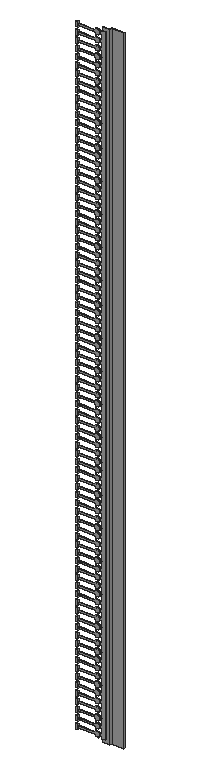
Revit family "ITK by ZPAS_Гребенка кабельная вертикальная_42U и 45U", category Обобщенные модели, Revit 2019
Family settings
  Может служить основой для арматурных стержней = Нет
  Размер круглого соединителя = Использовать диаметр
  Тип детали = Нормальный
  На основе рабочей плоскости = Нет
  Всегда вертикально = Да
  При загрузке вырезать с полостями = Нет
  Общий = Нет
  Точка расчета площади = Нет
Parameters (values of type "В1966,9_Черный")
  Ширина = 140 mm  # constant formula
  Степень защиты = ""
  Материал = Окраска - RAL 9005
  Изготовитель = "ITK"  # constant formula
  Дата изменения = ""
  Глубина = 12 mm  # constant formula
  Высота = 1966.9 mm
  Тип монтажа = "Установка на захваты"  # constant formula
  В1966,9 = yes
  В1866,9 = no
  URL = "https://www.iek.ru/"
  KSI_CPr_Строительные изделия = "61.1.04.08"  # constant formula
  KSI_CMa_Строительные материалы = "10.03.02.06"  # constant formula
  IEK_Цена за единицу = 10403.15
  IEK_Поиск в таблице имен = ""
  IEK_Описание = "Крепится без инструментов к 19-дюймовым монтажным профилям."
  IEK_URL = "https://www.itk-group.ru/produktsiya/catalog/oborudovanie_telekommunikatsionnoe/kompleksnye_resheniya_dlya_tsod/shkafy_i_aksessuary_dlya_tsod/komplektuyushchie_i_aksessuary_dlya_shkafov_itk_by_zpas/kabelnye_organizatory_itk_by_zpas/itk_by_zpas_grebenka_kabelnaya_vertikalnaya_45u_chernaya"
  ADSK_Примечание = ""
  ADSK_Позиция [instance] = ""
  ADSK_Наименование = "ITK by ZPAS Гребенка кабельная вертикальная 45U черная"
  ADSK_Материал обозначение = ""
  ADSK_Материал наименование = "Листовая сталь"  # constant formula
  ADSK_Масса = 6
  ADSK_Марка = "by ZPAS"  # constant formula
  ADSK_Код изделия = "ZP-CM05-45U-V"
  ADSK_Завод-изготовитель = "IEK"  # constant formula
  ADSK_Единица измерения = "шт"  # constant formula
  ADSK_Группирование = "I. ЩИТЫ И ПУЛЬТЫ"  # constant formula
  ADSK_Версия семейства = "1.0"  # constant formula
  ADSK_Версия Revit = "2019"  # constant formula
  ADSK_URL страницы изделия = "https://www.itk-group.ru/produktsiya/catalog/oborudovanie_telekommunikatsionnoe/kompleksnye_resheniya_dlya_tsod/shkafy_i_aksessuary_dlya_tsod/komplektuyushchie_i_aksessuary_dlya_shkafov_itk_by_zpas/kabelnye_organizatory_itk_by_zpas/?pagec=50"
Reference planes
  plane 1 "По центру (Вперед/Назад)": y = 0
  plane 2: z = 0
  plane 3 "По центру (Влево/Вправо)": x = 0
  plane 4: y = 6
  plane 5: y = -6
  plane 6: x = -70
  plane 7: x = 70
  plane 8: z = 1966.9
  plane 9: z = 10
  plane 10: x = 21.015
Forms (mm)
  Extrusion 1, solid, material "Окраска - RAL 9005" <- "Материал", detail levels fine
    sketch origin (0, 0, 0) x (1, 0, 0) y (0, 1, 0)
      loop
        line (70, 6) -> (30, 6) -> (30, -2.022) -> (10, -2.022) -> (10, -3.968) -> (32.03, -3.968) -> (32.03, 4) -> (70, 4) -> (70, 6)
    from 0 to 1966.9 <- "Высота"
  Extrusion 2, solid, material "Окраска - RAL 9005" <- "Материал", visible <- "В1866,9", detail levels fine
    sketch origin (0, 0, 0) x (1, 0, 0) y (0, 0, 1)
      loop
        line (-63.537, 1850) -> (-13.537, 1850) -> (-10, 1845) -> (0, 1845) -> (3.537, 1850) -> (10, 1850) -> (10, 1831.772) -> (3.537, 1831.772) -> (0, 1836.772) -> (-10, 1836.772) -> (-13.537, 1831.772) -> (-63.537, 1831.772) -> (-63.537, 1836.772) -> (-70, 1836.772) -> (-70, 1821.772) -> (-63.537, 1821.772) -> (-63.537, 1826.772) -> (-13.537, 1826.772) -> (-10, 1821.772) -> (0, 1821.772) -> (3.537, 1826.772) -> (10, 1826.772) -> (10, 1808.544) -> (3.537, 1808.544) -> (0, 1813.544) -> (-10, 1813.544) -> (-13.537, 1808.544) -> (-63.537, 1808.544) -> (-63.537, 1813.544) -> (-70, 1813.544) -> (-70, 1798.544) -> (-63.537, 1798.544) -> (-63.537, 1803.544) -> (-13.537, 1803.544) -> (-10, 1798.544) -> (0, 1798.544) -> (3.537, 1803.544) -> (10, 1803.544) -> (10, 1785.316) -> (3.537, 1785.316) -> (0, 1790.316) -> (-10, 1790.316) -> (-13.537, 1785.316) -> (-63.537, 1785.316) -> (-63.537, 1790.316) -> (-70, 1790.316) -> (-70, 1775.316) -> (-63.537, 1775.316) -> (-63.537, 1780.316) -> (-13.537, 1780.316) -> (-10, 1775.316) -> (0, 1775.316) -> (3.537, 1780.316) -> (10, 1780.316) -> (10, 1762.089) -> (3.537, 1762.089) -> (0, 1767.089) -> (-10, 1767.089) -> (-13.537, 1762.089) -> (-63.537, 1762.089) -> (-63.537, 1767.089) -> (-70, 1767.089) -> (-70, 1752.089) -> (-63.537, 1752.089) -> (-63.537, 1757.089) -> (-13.537, 1757.089) -> (-10, 1752.089) -> (0, 1752.089) -> (3.537, 1757.089) -> (10, 1757.089) -> (10, 1738.861) -> (3.537, 1738.861) -> (0, 1743.861) -> (-10, 1743.861) -> (-13.537, 1738.861) -> (-63.537, 1738.861) -> (-63.537, 1743.861) -> (-70, 1743.861) -> (-70, 1728.861) -> (-63.537, 1728.861) -> (-63.537, 1733.861) -> (-13.537, 1733.861) -> (-10, 1728.861) -> (0, 1728.861) -> (3.537, 1733.861) -> (10, 1733.861) -> (10, 1715.633) -> (3.537, 1715.633) -> (0, 1720.633) -> (-10, 1720.633) -> (-13.537, 1715.633) -> (-63.537, 1715.633) -> (-63.537, 1720.633) -> (-70, 1720.633) -> (-70, 1705.633) -> (-63.537, 1705.633) -> (-63.537, 1710.633) -> (-13.537, 1710.633) -> (-10, 1705.633) -> (0, 1705.633) -> (3.537, 1710.633) -> (10, 1710.633) -> (10, 1692.405) -> (3.537, 1692.405) -> (0, 1697.405) -> (-10, 1697.405) -> (-13.537, 1692.405) -> (-63.537, 1692.405) -> (-63.537, 1697.405) -> (-70, 1697.405) -> (-70, 1682.405) -> (-63.537, 1682.405) -> (-63.537, 1687.405) -> (-13.537, 1687.405) -> (-10, 1682.405) -> (0, 1682.405) -> (3.537, 1687.405) -> (10, 1687.405) -> (10, 1669.177) -> (3.537, 1669.177) -> (0, 1674.177) -> (-10, 1674.177) -> (-13.537, 1669.177) -> (-63.537, 1669.177) -> (-63.537, 1674.177) -> (-70, 1674.177) -> (-70, 1659.177) -> (-63.537, 1659.177) -> (-63.537, 1664.177) -> (-13.537, 1664.177) -> (-10, 1659.177) -> (0, 1659.177) -> (3.537, 1664.177) -> (10, 1664.177) -> (10, 1645.949) -> (3.537, 1645.949) -> (0, 1650.949) -> (-10, 1650.949) -> (-13.537, 1645.949) -> (-63.537, 1645.949) -> (-63.537, 1650.949) -> (-70, 1650.949) -> (-70, 1635.949) -> (-63.537, 1635.949) -> (-63.537, 1640.949) -> (-13.537, 1640.949) -> (-10, 1635.949) -> (0, 1635.949) -> (3.537, 1640.949) -> (10, 1640.949) -> (10, 1622.722) -> (3.537, 1622.722) -> (0, 1627.722) -> (-10, 1627.722) -> (-13.537, 1622.722) -> (-63.537, 1622.722) -> (-63.537, 1627.722) -> (-70, 1627.722) -> (-70, 1612.722) -> (-63.537, 1612.722) -> (-63.537, 1617.722) -> (-13.537, 1617.722) -> (-10, 1612.722) -> (0, 1612.722) -> (3.537, 1617.722) -> (10, 1617.722) -> (10, 1599.494) -> (3.537, 1599.494) -> (0, 1604.494) -> (-10, 1604.494) -> (-13.537, 1599.494) -> (-63.537, 1599.494) -> (-63.537, 1604.494) -> (-70, 1604.494) -> (-70, 1589.494) -> (-63.537, 1589.494) -> (-63.537, 1594.494) -> (-13.537, 1594.494) -> (-10, 1589.494) -> (0, 1589.494) -> (3.537, 1594.494) -> (10, 1594.494) -> (10, 1576.266) -> (3.537, 1576.266) -> (0, 1581.266) -> (-10, 1581.266) -> (-13.537, 1576.266) -> (-63.537, 1576.266) -> (-63.537, 1581.266) -> (-70, 1581.266) -> (-70, 1566.266) -> (-63.537, 1566.266) -> (-63.537, 1571.266) -> (-13.537, 1571.266) -> (-10, 1566.266) -> (0, 1566.266) -> (3.537, 1571.266) -> (10, 1571.266) -> (10, 1553.038) -> (3.537, 1553.038) -> (0, 1558.038) -> (-10, 1558.038) -> (-13.537, 1553.038) -> (-63.537, 1553.038) -> (-63.537, 1558.038) -> (-70, 1558.038) -> (-70, 1543.038) -> (-63.537, 1543.038) -> (-63.537, 1548.038) -> (-13.537, 1548.038) -> (-10, 1543.038) -> (0, 1543.038) -> (3.537, 1548.038) -> (10, 1548.038) -> (10, 1529.81) -> (3.537, 1529.81) -> (0, 1534.81) -> (-10, 1534.81) -> (-13.537, 1529.81) -> (-63.537, 1529.81) -> (-63.537, 1534.81) -> (-70, 1534.81) -> (-70, 1519.81) -> (-63.537, 1519.81) -> (-63.537, 1524.81) -> (-13.537, 1524.81) -> (-10, 1519.81) -> (0, 1519.81) -> (3.537, 1524.81) -> (10, 1524.81) -> (10, 1506.582) -> (3.537, 1506.582) -> (0, 1511.582) -> (-10, 1511.582) -> (-13.537, 1506.582) -> (-63.537, 1506.582) -> (-63.537, 1511.582) -> (-70, 1511.582) -> (-70, 1496.582) -> (-63.537, 1496.582) -> (-63.537, 1501.582) -> (-13.537, 1501.582) -> (-10, 1496.582) -> (0, 1496.582) -> (3.537, 1501.582) -> (10, 1501.582) -> (10, 1483.354) -> (3.537, 1483.354) -> (0, 1488.354) -> (-10, 1488.354) -> (-13.537, 1483.354) -> (-63.537, 1483.354) -> (-63.537, 1488.354) -> (-70, 1488.354) -> (-70, 1473.354) -> (-63.537, 1473.354) -> (-63.537, 1478.354) -> (-13.537, 1478.354) -> (-10, 1473.354) -> (0, 1473.354) -> (3.537, 1478.354) -> (10, 1478.354) -> (10, 1460.127) -> (3.537, 1460.127) -> (0, 1465.127) -> (-10, 1465.127) -> (-13.537, 1460.127) -> (-63.537, 1460.127) -> (-63.537, 1465.127) -> (-70, 1465.127) -> (-70, 1450.127) -> (-63.537, 1450.127) -> (-63.537, 1455.127) -> (-13.537, 1455.127) -> (-10, 1450.127) -> (0, 1450.127) -> (3.537, 1455.127) -> (10, 1455.127) -> (10, 1436.899) -> (3.537, 1436.899) -> (0, 1441.899) -> (-10, 1441.899) -> (-13.537, 1436.899) -> (-63.537, 1436.899) -> (-63.537, 1441.899) -> (-70, 1441.899) -> (-70, 1426.899) -> (-63.537, 1426.899) -> (-63.537, 1431.899) -> (-13.537, 1431.899) -> (-10, 1426.899) -> (0, 1426.899) -> (3.537, 1431.899) -> (10, 1431.899) -> (10, 1413.671) -> (3.537, 1413.671) -> (0, 1418.671) -> (-10, 1418.671) -> (-13.537, 1413.671) -> (-63.537, 1413.671) -> (-63.537, 1418.671) -> (-70, 1418.671) -> (-70, 1403.671) -> (-63.537, 1403.671) -> (-63.537, 1408.671) -> (-13.537, 1408.671) -> (-10, 1403.671) -> (0, 1403.671) -> (3.537, 1408.671) -> (10, 1408.671) -> (10, 1390.443) -> (3.537, 1390.443) -> (0, 1395.443) -> (-10, 1395.443) -> (-13.537, 1390.443) -> (-63.537, 1390.443) -> (-63.537, 1395.443) -> (-70, 1395.443) -> (-70, 1380.443) -> (-63.537, 1380.443) -> (-63.537, 1385.443) -> (-13.537, 1385.443) -> (-10, 1380.443) -> (0, 1380.443) -> (3.537, 1385.443) -> (10, 1385.443) -> (10, 1367.215) -> (3.537, 1367.215) -> (0, 1372.215) -> (-10, 1372.215) -> (-13.537, 1367.215) -> (-63.537, 1367.215) -> (-63.537, 1372.215) -> (-70, 1372.215) -> (-70, 1357.215) -> (-63.537, 1357.215) -> (-63.537, 1362.215) -> (-13.537, 1362.215) -> (-10, 1357.215) -> (0, 1357.215) -> (3.537, 1362.215) -> (10, 1362.215) -> (10, 1343.987) -> (3.537, 1343.987) -> (0, 1348.987) -> (-10, 1348.987) -> (-13.537, 1343.987) -> (-63.537, 1343.987) -> (-63.537, 1348.987) -> (-70, 1348.987) -> (-70, 1333.987) -> (-63.537, 1333.987) -> (-63.537, 1338.987) -> (-13.537, 1338.987) -> (-10, 1333.987) -> (0, 1333.987) -> (3.537, 1338.987) -> (10, 1338.987) -> (10, 1320.759) -> (3.537, 1320.759) -> (0, 1325.759) -> (-10, 1325.759) -> (-13.537, 1320.759) -> (-63.537, 1320.759) -> (-63.537, 1325.759) -> (-70, 1325.759) -> (-70, 1310.759) -> (-63.537, 1310.759) -> (-63.537, 1315.759) -> (-13.537, 1315.759) -> (-10, 1310.759) -> (0, 1310.759) -> (3.537, 1315.759) -> (10, 1315.759) -> (10, 1297.532) -> (3.537, 1297.532) -> (0, 1302.532) -> (-10, 1302.532) -> (-13.537, 1297.532) -> (-63.537, 1297.532) -> (-63.537, 1302.532) -> (-70, 1302.532) -> (-70, 1287.532) -> (-63.537, 1287.532) -> (-63.537, 1292.532) -> (-13.537, 1292.532) -> (-10, 1287.532) -> (0, 1287.532) -> (3.537, 1292.532) -> (10, 1292.532) -> (10, 1274.304) -> (3.537, 1274.304) -> (0, 1279.304) -> (-10, 1279.304) -> (-13.53
          7, 1274.304) -> (-63.537, 1274.304) -> (-63.537, 1279.304) -> (-70, 1279.304) -> (-70, 1264.304) -> (-63.537, 1264.304) -> (-63.537, 1269.304) -> (-13.537, 1269.304) -> (-10, 1264.304) -> (0, 1264.304) -> (3.537, 1269.304) -> (10, 1269.304) -> (10, 1251.076) -> (3.537, 1251.076) -> (0, 1256.076) -> (-10, 1256.076) -> (-13.537, 1251.076) -> (-63.537, 1251.076) -> (-63.537, 1256.076) -> (-70, 1256.076) -> (-70, 1241.076) -> (-63.537, 1241.076) -> (-63.537, 1246.076) -> (-13.537, 1246.076) -> (-10, 1241.076) -> (0, 1241.076) -> (3.537, 1246.076) -> (10, 1246.076) -> (10, 1227.848) -> (3.537, 1227.848) -> (0, 1232.848) -> (-10, 1232.848) -> (-13.537, 1227.848) -> (-63.537, 1227.848) -> (-63.537, 1232.848) -> (-70, 1232.848) -> (-70, 1217.848) -> (-63.537, 1217.848) -> (-63.537, 1222.848) -> (-13.537, 1222.848) -> (-10, 1217.848) -> (0, 1217.848) -> (3.537, 1222.848) -> (10, 1222.848) -> (10, 1204.62) -> (3.537, 1204.62) -> (0, 1209.62) -> (-10, 1209.62) -> (-13.537, 1204.62) -> (-63.537, 1204.62) -> (-63.537, 1209.62) -> (-70, 1209.62) -> (-70, 1194.62) -> (-63.537, 1194.62) -> (-63.537, 1199.62) -> (-13.537, 1199.62) -> (-10, 1194.62) -> (0, 1194.62) -> (3.537, 1199.62) -> (10, 1199.62) -> (10, 1181.392) -> (3.537, 1181.392) -> (0, 1186.392) -> (-10, 1186.392) -> (-13.537, 1181.392) -> (-63.537, 1181.392) -> (-63.537, 1186.392) -> (-70, 1186.392) -> (-70, 1171.392) -> (-63.537, 1171.392) -> (-63.537, 1176.392) -> (-13.537, 1176.392) -> (-10, 1171.392) -> (0, 1171.392) -> (3.537, 1176.392) -> (10, 1176.392) -> (10, 1158.165) -> (3.537, 1158.165) -> (0, 1163.165) -> (-10, 1163.165) -> (-13.537, 1158.165) -> (-63.537, 1158.165) -> (-63.537, 1163.165) -> (-70, 1163.165) -> (-70, 1148.165) -> (-63.537, 1148.165) -> (-63.537, 1153.165) -> (-13.537, 1153.165) -> (-10, 1148.165) -> (0, 1148.165) -> (3.537, 1153.165) -> (10, 1153.165) -> (10, 1134.937) -> (3.537, 1134.937) -> (0, 1139.937) -> (-10, 1139.937) -> (-13.537, 1134.937) -> (-63.537, 1134.937) -> (-63.537, 1139.937) -> (-70, 1139.937) -> (-70, 1124.937) -> (-63.537, 1124.937) -> (-63.537, 1129.937) -> (-13.537, 1129.937) -> (-10, 1124.937) -> (0, 1124.937) -> (3.537, 1129.937) -> (10, 1129.937) -> (10, 1111.709) -> (3.537, 1111.709) -> (0, 1116.709) -> (-10, 1116.709) -> (-13.537, 1111.709) -> (-63.537, 1111.709) -> (-63.537, 1116.709) -> (-70, 1116.709) -> (-70, 1101.709) -> (-63.537, 1101.709) -> (-63.537, 1106.709) -> (-13.537, 1106.709) -> (-10, 1101.709) -> (0, 1101.709) -> (3.537, 1106.709) -> (10, 1106.709) -> (10, 1088.481) -> (3.537, 1088.481) -> (0, 1093.481) -> (-10, 1093.481) -> (-13.537, 1088.481) -> (-63.537, 1088.481) -> (-63.537, 1093.481) -> (-70, 1093.481) -> (-70, 1078.481) -> (-63.537, 1078.481) -> (-63.537, 1083.481) -> (-13.537, 1083.481) -> (-10, 1078.481) -> (0, 1078.481) -> (3.537, 1083.481) -> (10, 1083.481) -> (10, 1065.253) -> (3.537, 1065.253) -> (0, 1070.253) -> (-10, 1070.253) -> (-13.537, 1065.253) -> (-63.537, 1065.253) -> (-63.537, 1070.253) -> (-70, 1070.253) -> (-70, 1055.253) -> (-63.537, 1055.253) -> (-63.537, 1060.253) -> (-13.537, 1060.253) -> (-10, 1055.253) -> (0, 1055.253) -> (3.537, 1060.253) -> (10, 1060.253) -> (10, 1042.025) -> (3.537, 1042.025) -> (0, 1047.025) -> (-10, 1047.025) -> (-13.537, 1042.025) -> (-63.537, 1042.025) -> (-63.537, 1047.025) -> (-70, 1047.025) -> (-70, 1032.025) -> (-63.537, 1032.025) -> (-63.537, 1037.025) -> (-13.537, 1037.025) -> (-10, 1032.025) -> (0, 1032.025) -> (3.537, 1037.025) -> (10, 1037.025) -> (10, 1018.797) -> (3.537, 1018.797) -> (0, 1023.797) -> (-10, 1023.797) -> (-13.537, 1018.797) -> (-63.537, 1018.797) -> (-63.537, 1023.797) -> (-70, 1023.797) -> (-70, 1008.797) -> (-63.537, 1008.797) -> (-63.537, 1013.797) -> (-13.537, 1013.797) -> (-10, 1008.797) -> (0, 1008.797) -> (3.537, 1013.797) -> (10, 1013.797) -> (10, 995.57) -> (3.537, 995.57) -> (0, 1000.57) -> (-10, 1000.57) -> (-13.537, 995.57) -> (-63.537, 995.57) -> (-63.537, 1000.57) -> (-70, 1000.57) -> (-70, 985.57) -> (-63.537, 985.57) -> (-63.537, 990.57) -> (-13.537, 990.57) -> (-10, 985.57) -> (0, 985.57) -> (3.537, 990.57) -> (10, 990.57) -> (10, 972.342) -> (3.537, 972.342) -> (0, 977.342) -> (-10, 977.342) -> (-13.537, 972.342) -> (-63.537, 972.342) -> (-63.537, 977.342) -> (-70, 977.342) -> (-70, 962.342) -> (-63.537, 962.342) -> (-63.537, 967.342) -> (-13.537, 967.342) -> (-10, 962.342) -> (0, 962.342) -> (3.537, 967.342) -> (10, 967.342) -> (10, 949.114) -> (3.537, 949.114) -> (0, 954.114) -> (-10, 954.114) -> (-13.537, 949.114) -> (-63.537, 949.114) -> (-63.537, 954.114) -> (-70, 954.114) -> (-70, 939.114) -> (-63.537, 939.114) -> (-63.537, 944.114) -> (-13.537, 944.114) -> (-10, 939.114) -> (0, 939.114) -> (3.537, 944.114) -> (10, 944.114) -> (10, 925.886) -> (3.537, 925.886) -> (0, 930.886) -> (-10, 930.886) -> (-13.537, 925.886) -> (-63.537, 925.886) -> (-63.537, 930.886) -> (-70, 930.886) -> (-70, 915.886) -> (-63.537, 915.886) -> (-63.537, 920.886) -> (-13.537, 920.886) -> (-10, 915.886) -> (0, 915.886) -> (3.537, 920.886) -> (10, 920.886) -> (10, 902.658) -> (3.537, 902.658) -> (0, 907.658) -> (-10, 907.658) -> (-13.537, 902.658) -> (-63.537, 902.658) -> (-63.537, 907.658) -> (-70, 907.658) -> (-70, 892.658) -> (-63.537, 892.658) -> (-63.537, 897.658) -> (-13.537, 897.658) -> (-10, 892.658) -> (0, 892.658) -> (3.537, 897.658) -> (10, 897.658) -> (10, 879.43) -> (3.537, 879.43) -> (0, 884.43) -> (-10, 884.43) -> (-13.537, 879.43) -> (-63.537, 879.43) -> (-63.537, 884.43) -> (-70, 884.43) -> (-70, 869.43) -> (-63.537, 869.43) -> (-63.537, 874.43) -> (-13.537, 874.43) -> (-10, 869.43) -> (0, 869.43) -> (3.537, 874.43) -> (10, 874.43) -> (10, 856.203) -> (3.537, 856.203) -> (0, 861.203) -> (-10, 861.203) -> (-13.537, 856.203) -> (-63.537, 856.203) -> (-63.537, 861.203) -> (-70, 861.203) -> (-70, 846.203) -> (-63.537, 846.203) -> (-63.537, 851.203) -> (-13.537, 851.203) -> (-10, 846.203) -> (0, 846.203) -> (3.537, 851.203) -> (10, 851.203) -> (10, 832.975) -> (3.537, 832.975) -> (0, 837.975) -> (-10, 837.975) -> (-13.537, 832.975) -> (-63.537, 832.975) -> (-63.537, 837.975) -> (-70, 837.975) -> (-70, 822.975) -> (-63.537, 822.975) -> (-63.537, 827.975) -> (-13.537, 827.975) -> (-10, 822.975) -> (0, 822.975) -> (3.537, 827.975) -> (10, 827.975) -> (10, 809.747) -> (3.537, 809.747) -> (0, 814.747) -> (-10, 814.747) -> (-13.537, 809.747) -> (-63.537, 809.747) -> (-63.537, 814.747) -> (-70, 814.747) -> (-70, 799.747) -> (-63.537, 799.747) -> (-63.537, 804.747) -> (-13.537, 804.747) -> (-10, 799.747) -> (0, 799.747) -> (3.537, 804.747) -> (10, 804.747) -> (10, 786.519) -> (3.537, 786.519) -> (0, 791.519) -> (-10, 791.519) -> (-13.537, 786.519) -> (-63.537, 786.519) -> (-63.537, 791.519) -> (-70, 791.519) -> (-70, 776.519) -> (-63.537, 776.519) -> (-63.537, 781.519) -> (-13.537, 781.519) -> (-10, 776.519) -> (0, 776.519) -> (3.537, 781.519) -> (10, 781.519) -> (10, 763.291) -> (3.537, 763.291) -> (0, 768.291) -> (-10, 768.291) -> (-13.537, 763.291) -> (-63.537, 763.291) -> (-63.537, 768.291) -> (-70, 768.291) -> (-70, 753.291) -> (-63.537, 753.291) -> (-63.537, 758.291) -> (-13.537, 758.291) -> (-10, 753.291) -> (0, 753.291) -> (3.537, 758.291) -> (10, 758.291) -> (10, 740.063) -> (3.537, 740.063) -> (0, 745.063) -> (-10, 745.063) -> (-13.537, 740.063) -> (-63.537, 740.063) -> (-63.537, 745.063) -> (-70, 745.063) -> (-70, 730.063) -> (-63.537, 730.063) -> (-63.537, 735.063) -> (-13.537, 735.063) -> (-10, 730.063) -> (0, 730.063) -> (3.537, 735.063) -> (10, 735.063) -> (10, 716.835) -> (3.537, 716.835) -> (0, 721.835) -> (-10, 721.835) -> (-13.537, 716.835) -> (-63.537, 716.835) -> (-63.537, 721.835) -> (-70, 721.835) -> (-70, 706.835) -> (-63.537, 706.835) -> (-63.537, 711.835) -> (-13.537, 711.835) -> (-10, 706.835) -> (0, 706.835) -> (3.537, 711.835) -> (10, 711.835) -> (10, 693.608) -> (3.537, 693.608) -> (0, 698.608) -> (-10, 698.608) -> (-13.537, 693.608) -> (-63.537, 693.608) -> (-63.537, 698.608) -> (-70, 698.608) -> (-70, 683.608) -> (-63.537, 6
          83.608) -> (-63.537, 688.608) -> (-13.537, 688.608) -> (-10, 683.608) -> (0, 683.608) -> (3.537, 688.608) -> (10, 688.608) -> (10, 670.38) -> (3.537, 670.38) -> (0, 675.38) -> (-10, 675.38) -> (-13.537, 670.38) -> (-63.537, 670.38) -> (-63.537, 675.38) -> (-70, 675.38) -> (-70, 660.38) -> (-63.537, 660.38) -> (-63.537, 665.38) -> (-13.537, 665.38) -> (-10, 660.38) -> (0, 660.38) -> (3.537, 665.38) -> (10, 665.38) -> (10, 647.152) -> (3.537, 647.152) -> (0, 652.152) -> (-10, 652.152) -> (-13.537, 647.152) -> (-63.537, 647.152) -> (-63.537, 652.152) -> (-70, 652.152) -> (-70, 637.152) -> (-63.537, 637.152) -> (-63.537, 642.152) -> (-13.537, 642.152) -> (-10, 637.152) -> (0, 637.152) -> (3.537, 642.152) -> (10, 642.152) -> (10, 623.924) -> (3.537, 623.924) -> (0, 628.924) -> (-10, 628.924) -> (-13.537, 623.924) -> (-63.537, 623.924) -> (-63.537, 628.924) -> (-70, 628.924) -> (-70, 613.924) -> (-63.537, 613.924) -> (-63.537, 618.924) -> (-13.537, 618.924) -> (-10, 613.924) -> (0, 613.924) -> (3.537, 618.924) -> (10, 618.924) -> (10, 600.696) -> (3.537, 600.696) -> (0, 605.696) -> (-10, 605.696) -> (-13.537, 600.696) -> (-63.537, 600.696) -> (-63.537, 605.696) -> (-70, 605.696) -> (-70, 590.696) -> (-63.537, 590.696) -> (-63.537, 595.696) -> (-13.537, 595.696) -> (-10, 590.696) -> (0, 590.696) -> (3.537, 595.696) -> (10, 595.696) -> (10, 577.468) -> (3.537, 577.468) -> (0, 582.468) -> (-10, 582.468) -> (-13.537, 577.468) -> (-63.537, 577.468) -> (-63.537, 582.468) -> (-70, 582.468) -> (-70, 567.468) -> (-63.537, 567.468) -> (-63.537, 572.468) -> (-13.537, 572.468) -> (-10, 567.468) -> (0, 567.468) -> (3.537, 572.468) -> (10, 572.468) -> (10, 554.241) -> (3.537, 554.241) -> (0, 559.241) -> (-10, 559.241) -> (-13.537, 554.241) -> (-63.537, 554.241) -> (-63.537, 559.241) -> (-70, 559.241) -> (-70, 544.241) -> (-63.537, 544.241) -> (-63.537, 549.241) -> (-13.537, 549.241) -> (-10, 544.241) -> (0, 544.241) -> (3.537, 549.241) -> (10, 549.241) -> (10, 531.013) -> (3.537, 531.013) -> (0, 536.013) -> (-10, 536.013) -> (-13.537, 531.013) -> (-63.537, 531.013) -> (-63.537, 536.013) -> (-70, 536.013) -> (-70, 521.013) -> (-63.537, 521.013) -> (-63.537, 526.013) -> (-13.537, 526.013) -> (-10, 521.013) -> (0, 521.013) -> (3.537, 526.013) -> (10, 526.013) -> (10, 507.785) -> (3.537, 507.785) -> (0, 512.785) -> (-10, 512.785) -> (-13.537, 507.785) -> (-63.537, 507.785) -> (-63.537, 512.785) -> (-70, 512.785) -> (-70, 497.785) -> (-63.537, 497.785) -> (-63.537, 502.785) -> (-13.537, 502.785) -> (-10, 497.785) -> (0, 497.785) -> (3.537, 502.785) -> (10, 502.785) -> (10, 484.557) -> (3.537, 484.557) -> (0, 489.557) -> (-10, 489.557) -> (-13.537, 484.557) -> (-63.537, 484.557) -> (-63.537, 489.557) -> (-70, 489.557) -> (-70, 474.557) -> (-63.537, 474.557) -> (-63.537, 479.557) -> (-13.537, 479.557) -> (-10, 474.557) -> (0, 474.557) -> (3.537, 479.557) -> (10, 479.557) -> (10, 461.329) -> (3.537, 461.329) -> (0, 466.329) -> (-10, 466.329) -> (-13.537, 461.329) -> (-63.537, 461.329) -> (-63.537, 466.329) -> (-70, 466.329) -> (-70, 451.329) -> (-63.537, 451.329) -> (-63.537, 456.329) -> (-13.537, 456.329) -> (-10, 451.329) -> (0, 451.329) -> (3.537, 456.329) -> (10, 456.329) -> (10, 438.101) -> (3.537, 438.101) -> (0, 443.101) -> (-10, 443.101) -> (-13.537, 438.101) -> (-63.537, 438.101) -> (-63.537, 443.101) -> (-70, 443.101) -> (-70, 428.101) -> (-63.537, 428.101) -> (-63.537, 433.101) -> (-13.537, 433.101) -> (-10, 428.101) -> (0, 428.101) -> (3.537, 433.101) -> (10, 433.101) -> (10, 414.873) -> (3.537, 414.873) -> (0, 419.873) -> (-10, 419.873) -> (-13.537, 414.873) -> (-63.537, 414.873) -> (-63.537, 419.873) -> (-70, 419.873) -> (-70, 404.873) -> (-63.537, 404.873) -> (-63.537, 409.873) -> (-13.537, 409.873) -> (-10, 404.873) -> (0, 404.873) -> (3.537, 409.873) -> (10, 409.873) -> (10, 391.646) -> (3.537, 391.646) -> (0, 396.646) -> (-10, 396.646) -> (-13.537, 391.646) -> (-63.537, 391.646) -> (-63.537, 396.646) -> (-70, 396.646) -> (-70, 381.646) -> (-63.537, 381.646) -> (-63.537, 386.646) -> (-13.537, 386.646) -> (-10, 381.646) -> (0, 381.646) -> (3.537, 386.646) -> (10, 386.646) -> (10, 368.418) -> (3.537, 368.418) -> (0, 373.418) -> (-10, 373.418) -> (-13.537, 368.418) -> (-63.537, 368.418) -> (-63.537, 373.418) -> (-70, 373.418) -> (-70, 358.418) -> (-63.537, 358.418) -> (-63.537, 363.418) -> (-13.537, 363.418) -> (-10, 358.418) -> (0, 358.418) -> (3.537, 363.418) -> (10, 363.418) -> (10, 345.19) -> (3.537, 345.19) -> (0, 350.19) -> (-10, 350.19) -> (-13.537, 345.19) -> (-63.537, 345.19) -> (-63.537, 350.19) -> (-70, 350.19) -> (-70, 335.19) -> (-63.537, 335.19) -> (-63.537, 340.19) -> (-13.537, 340.19) -> (-10, 335.19) -> (0, 335.19) -> (3.537, 340.19) -> (10, 340.19) -> (10, 321.962) -> (3.537, 321.962) -> (0, 326.962) -> (-10, 326.962) -> (-13.537, 321.962) -> (-63.537, 321.962) -> (-63.537, 326.962) -> (-70, 326.962) -> (-70, 311.962) -> (-63.537, 311.962) -> (-63.537, 316.962) -> (-13.537, 316.962) -> (-10, 311.962) -> (0, 311.962) -> (3.537, 316.962) -> (10, 316.962) -> (10, 298.734) -> (3.537, 298.734) -> (0, 303.734) -> (-10, 303.734) -> (-13.537, 298.734) -> (-63.537, 298.734) -> (-63.537, 303.734) -> (-70, 303.734) -> (-70, 288.734) -> (-63.537, 288.734) -> (-63.537, 293.734) -> (-13.537, 293.734) -> (-10, 288.734) -> (0, 288.734) -> (3.537, 293.734) -> (10, 293.734) -> (10, 275.506) -> (3.537, 275.506) -> (0, 280.506) -> (-10, 280.506) -> (-13.537, 275.506) -> (-63.537, 275.506) -> (-63.537, 280.506) -> (-70, 280.506) -> (-70, 265.506) -> (-63.537, 265.506) -> (-63.537, 270.506) -> (-13.537, 270.506) -> (-10, 265.506) -> (0, 265.506) -> (3.537, 270.506) -> (10, 270.506) -> (10, 252.278) -> (3.537, 252.278) -> (0, 257.278) -> (-10, 257.278) -> (-13.537, 252.278) -> (-63.537, 252.278) -> (-63.537, 257.278) -> (-70, 257.278) -> (-70, 242.278) -> (-63.537, 242.278) -> (-63.537, 247.278) -> (-13.537, 247.278) -> (-10, 242.278) -> (0, 242.278) -> (3.537, 247.278) -> (10, 247.278) -> (10, 229.051) -> (3.537, 229.051) -> (0, 234.051) -> (-10, 234.051) -> (-13.537, 229.051) -> (-63.537, 229.051) -> (-63.537, 234.051) -> (-70, 234.051) -> (-70, 219.051) -> (-63.537, 219.051) -> (-63.537, 224.051) -> (-13.537, 224.051) -> (-10, 219.051) -> (0, 219.051) -> (3.537, 224.051) -> (10, 224.051) -> (10, 205.823) -> (3.537, 205.823) -> (0, 210.823) -> (-10, 210.823) -> (-13.537, 205.823) -> (-63.537, 205.823) -> (-63.537, 210.823) -> (-70, 210.823) -> (-70, 195.823) -> (-63.537, 195.823) -> (-63.537, 200.823) -> (-13.537, 200.823) -> (-10, 195.823) -> (0, 195.823) -> (3.537, 200.823) -> (10, 200.823) -> (10, 182.595) -> (3.537, 182.595) -> (0, 187.595) -> (-10, 187.595) -> (-13.537, 182.595) -> (-63.537, 182.595) -> (-63.537, 187.595) -> (-70, 187.595) -> (-70, 172.595) -> (-63.537, 172.595) -> (-63.537, 177.595) -> (-13.537, 177.595) -> (-10, 172.595) -> (0, 172.595) -> (3.537, 177.595) -> (10, 177.595) -> (10, 159.367) -> (3.537, 159.367) -> (0, 164.367) -> (-10, 164.367) -> (-13.537, 159.367) -> (-63.537, 159.367) -> (-63.537, 164.367) -> (-70, 164.367) -> (-70, 149.367) -> (-63.537, 149.367) -> (-63.537, 154.367) -> (-13.537, 154.367) -> (-10, 149.367) -> (0, 149.367) -> (3.537, 154.367) -> (10, 154.367) -> (10, 136.139) -> (3.537, 136.139) -> (0, 141.139) -> (-10, 141.139) -> (-13.537, 136.139) -> (-63.537, 136.139) -> (-63.537, 141.139) -> (-70, 141.139) -> (-70, 126.139) -> (-63.537, 126.139) -> (-63.537, 131.139) -> (-13.537, 131.139) -> (-10, 126.139) -> (0, 126.139) -> (3.537, 131.139) -> (10, 131.139) -> (10, 112.911) -> (3.537, 112.911) -> (0, 117.911) -> (-10, 117.911) -> (-13.537, 112.911) -> (-63.537, 112.911) -> (-63.537, 117.911) -> (-70, 117.911) -> (-70, 102.911) -> (-63.537, 102.911) -> (-63.537, 107.911) -> (-13.537, 107.911) -> (-10, 102.911) -> (0, 102.911) -> (3.537, 107.911) -> (10, 107.911) -> (10, 89.684) -> (3.537, 89.684) -> (0, 94.684) -> (-10, 94.684) -> (-13.537, 89.684) -> (-63.537, 89.684) -> (-63.537, 94.684) -> (-70, 94.684) -> (-70, 79.
          684) -> (-63.537, 79.684) -> (-63.537, 84.684) -> (-13.537, 84.684) -> (-10, 79.684) -> (0, 79.684) -> (3.537, 84.684) -> (10, 84.684) -> (10, 66.456) -> (3.537, 66.456) -> (0, 71.456) -> (-10, 71.456) -> (-13.537, 66.456) -> (-63.537, 66.456) -> (-63.537, 71.456) -> (-70, 71.456) -> (-70, 56.456) -> (-63.537, 56.456) -> (-63.537, 61.456) -> (-13.537, 61.456) -> (-10, 56.456) -> (0, 56.456) -> (3.537, 61.456) -> (10, 61.456) -> (10, 43.228) -> (3.537, 43.228) -> (0, 48.228) -> (-10, 48.228) -> (-13.537, 43.228) -> (-63.537, 43.228) -> (-63.537, 48.228) -> (-70, 48.228) -> (-70, 33.228) -> (-63.537, 33.228) -> (-63.537, 38.228) -> (-13.537, 38.228) -> (-10, 33.228) -> (0, 33.228) -> (3.537, 38.228) -> (10, 38.228) -> (10, 20) -> (3.537, 20) -> (0, 25) -> (-10, 25) -> (-13.537, 20) -> (-63.537, 20) -> (-63.537, 25) -> (-70, 25) -> (-70, 10) -> (-63.537, 10) -> (-63.537, 15) -> (-13.537, 15) -> (-10, 10) -> (0, 10) -> (3.537, 15) -> (10, 15) -> (10, 10) -> (21.015, 10) -> (21.015, 1860) -> (10, 1860) -> (10, 1855) -> (3.537, 1855) -> (0, 1860) -> (-10, 1860) -> (-13.537, 1855) -> (-63.537, 1855) -> (-63.537, 1860) -> (-70, 1860) -> (-70, 1845) -> (-63.537, 1845) -> (-63.537, 1850)
    from 3.968 to 6
  Extrusion 3, solid, material "Окраска - RAL 9005" <- "Материал", visible <- "В1966,9", detail levels fine
    sketch origin (0, 0, 0) x (1, 0, 0) y (0, 0, 1)
      loop
        line (-13.537, 1951.9) -> (-63.537, 1951.9) -> (-63.537, 1956.9) -> (-70, 1956.9) -> (-70, 1941.9) -> (-63.537, 1941.9) -> (-63.537, 1946.9) -> (-13.537, 1946.9) -> (-10, 1941.9) -> (0, 1941.9) -> (3.537, 1946.9) -> (10, 1946.9) -> (10, 1929.172) -> (3.537, 1929.172) -> (0, 1934.172) -> (-10, 1934.172) -> (-13.537, 1929.172) -> (-63.537, 1929.172) -> (-63.537, 1934.172) -> (-70, 1934.172) -> (-70, 1919.172) -> (-63.537, 1919.172) -> (-63.537, 1924.172) -> (-13.537, 1924.172) -> (-10, 1919.172) -> (0, 1919.172) -> (3.537, 1924.172) -> (10, 1924.172) -> (10, 1906.444) -> (3.537, 1906.444) -> (0, 1911.444) -> (-10, 1911.444) -> (-13.537, 1906.444) -> (-63.537, 1906.444) -> (-63.537, 1911.444) -> (-70, 1911.444) -> (-70, 1896.444) -> (-63.537, 1896.444) -> (-63.537, 1901.444) -> (-13.537, 1901.444) -> (-10, 1896.444) -> (0, 1896.444) -> (3.537, 1901.444) -> (10, 1901.444) -> (10, 1883.715) -> (3.537, 1883.715) -> (0, 1888.715) -> (-10, 1888.715) -> (-13.537, 1883.715) -> (-63.537, 1883.715) -> (-63.537, 1888.715) -> (-70, 1888.715) -> (-70, 1873.715) -> (-63.537, 1873.715) -> (-63.537, 1878.715) -> (-13.537, 1878.715) -> (-10, 1873.715) -> (0, 1873.715) -> (3.537, 1878.715) -> (10, 1878.715) -> (10, 1860.987) -> (3.537, 1860.987) -> (0, 1865.987) -> (-10, 1865.987) -> (-13.537, 1860.987) -> (-63.537, 1860.987) -> (-63.537, 1865.987) -> (-70, 1865.987) -> (-70, 1850.987) -> (-63.537, 1850.987) -> (-63.537, 1855.987) -> (-13.537, 1855.987) -> (-10, 1850.987) -> (0, 1850.987) -> (3.537, 1855.987) -> (10, 1855.987) -> (10, 1838.259) -> (3.537, 1838.259) -> (0, 1843.259) -> (-10, 1843.259) -> (-13.537, 1838.259) -> (-63.537, 1838.259) -> (-63.537, 1843.259) -> (-70, 1843.259) -> (-70, 1828.259) -> (-63.537, 1828.259) -> (-63.537, 1833.259) -> (-13.537, 1833.259) -> (-10, 1828.259) -> (0, 1828.259) -> (3.537, 1833.259) -> (10, 1833.259) -> (10, 1815.531) -> (3.537, 1815.531) -> (0, 1820.531) -> (-10, 1820.531) -> (-13.537, 1815.531) -> (-63.537, 1815.531) -> (-63.537, 1820.531) -> (-70, 1820.531) -> (-70, 1805.531) -> (-63.537, 1805.531) -> (-63.537, 1810.531) -> (-13.537, 1810.531) -> (-10, 1805.531) -> (0, 1805.531) -> (3.537, 1810.531) -> (10, 1810.531) -> (10, 1792.802) -> (3.537, 1792.802) -> (0, 1797.802) -> (-10, 1797.802) -> (-13.537, 1792.802) -> (-63.537, 1792.802) -> (-63.537, 1797.802) -> (-70, 1797.802) -> (-70, 1782.802) -> (-63.537, 1782.802) -> (-63.537, 1787.802) -> (-13.537, 1787.802) -> (-10, 1782.802) -> (0, 1782.802) -> (3.537, 1787.802) -> (10, 1787.802) -> (10, 1770.074) -> (3.537, 1770.074) -> (0, 1775.074) -> (-10, 1775.074) -> (-13.537, 1770.074) -> (-63.537, 1770.074) -> (-63.537, 1775.074) -> (-70, 1775.074) -> (-70, 1760.074) -> (-63.537, 1760.074) -> (-63.537, 1765.074) -> (-13.537, 1765.074) -> (-10, 1760.074) -> (0, 1760.074) -> (3.537, 1765.074) -> (10, 1765.074) -> (10, 1747.346) -> (3.537, 1747.346) -> (0, 1752.346) -> (-10, 1752.346) -> (-13.537, 1747.346) -> (-63.537, 1747.346) -> (-63.537, 1752.346) -> (-70, 1752.346) -> (-70, 1737.346) -> (-63.537, 1737.346) -> (-63.537, 1742.346) -> (-13.537, 1742.346) -> (-10, 1737.346) -> (0, 1737.346) -> (3.537, 1742.346) -> (10, 1742.346) -> (10, 1724.618) -> (3.537, 1724.618) -> (0, 1729.618) -> (-10, 1729.618) -> (-13.537, 1724.618) -> (-63.537, 1724.618) -> (-63.537, 1729.618) -> (-70, 1729.618) -> (-70, 1714.618) -> (-63.537, 1714.618) -> (-63.537, 1719.618) -> (-13.537, 1719.618) -> (-10, 1714.618) -> (0, 1714.618) -> (3.537, 1719.618) -> (10, 1719.618) -> (10, 1701.889) -> (3.537, 1701.889) -> (0, 1706.889) -> (-10, 1706.889) -> (-13.537, 1701.889) -> (-63.537, 1701.889) -> (-63.537, 1706.889) -> (-70, 1706.889) -> (-70, 1691.889) -> (-63.537, 1691.889) -> (-63.537, 1696.889) -> (-13.537, 1696.889) -> (-10, 1691.889) -> (0, 1691.889) -> (3.537, 1696.889) -> (10, 1696.889) -> (10, 1679.161) -> (3.537, 1679.161) -> (0, 1684.161) -> (-10, 1684.161) -> (-13.537, 1679.161) -> (-63.537, 1679.161) -> (-63.537, 1684.161) -> (-70, 1684.161) -> (-70, 1669.161) -> (-63.537, 1669.161) -> (-63.537, 1674.161) -> (-13.537, 1674.161) -> (-10, 1669.161) -> (0, 1669.161) -> (3.537, 1674.161) -> (10, 1674.161) -> (10, 1656.433) -> (3.537, 1656.433) -> (0, 1661.433) -> (-10, 1661.433) -> (-13.537, 1656.433) -> (-63.537, 1656.433) -> (-63.537, 1661.433) -> (-70, 1661.433) -> (-70, 1646.433) -> (-63.537, 1646.433) -> (-63.537, 1651.433) -> (-13.537, 1651.433) -> (-10, 1646.433) -> (0, 1646.433) -> (3.537, 1651.433) -> (10, 1651.433) -> (10, 1633.705) -> (3.537, 1633.705) -> (0, 1638.705) -> (-10, 1638.705) -> (-13.537, 1633.705) -> (-63.537, 1633.705) -> (-63.537, 1638.705) -> (-70, 1638.705) -> (-70, 1623.705) -> (-63.537, 1623.705) -> (-63.537, 1628.705) -> (-13.537, 1628.705) -> (-10, 1623.705) -> (0, 1623.705) -> (3.537, 1628.705) -> (10, 1628.705) -> (10, 1610.976) -> (3.537, 1610.976) -> (0, 1615.976) -> (-10, 1615.976) -> (-13.537, 1610.976) -> (-63.537, 1610.976) -> (-63.537, 1615.976) -> (-70, 1615.976) -> (-70, 1600.976) -> (-63.537, 1600.976) -> (-63.537, 1605.976) -> (-13.537, 1605.976) -> (-10, 1600.976) -> (0, 1600.976) -> (3.537, 1605.976) -> (10, 1605.976) -> (10, 1588.248) -> (3.537, 1588.248) -> (0, 1593.248) -> (-10, 1593.248) -> (-13.537, 1588.248) -> (-63.537, 1588.248) -> (-63.537, 1593.248) -> (-70, 1593.248) -> (-70, 1578.248) -> (-63.537, 1578.248) -> (-63.537, 1583.248) -> (-13.537, 1583.248) -> (-10, 1578.248) -> (0, 1578.248) -> (3.537, 1583.248) -> (10, 1583.248) -> (10, 1565.52) -> (3.537, 1565.52) -> (0, 1570.52) -> (-10, 1570.52) -> (-13.537, 1565.52) -> (-63.537, 1565.52) -> (-63.537, 1570.52) -> (-70, 1570.52) -> (-70, 1555.52) -> (-63.537, 1555.52) -> (-63.537, 1560.52) -> (-13.537, 1560.52) -> (-10, 1555.52) -> (0, 1555.52) -> (3.537, 1560.52) -> (10, 1560.52) -> (10, 1542.792) -> (3.537, 1542.792) -> (0, 1547.792) -> (-10, 1547.792) -> (-13.537, 1542.792) -> (-63.537, 1542.792) -> (-63.537, 1547.792) -> (-70, 1547.792) -> (-70, 1532.792) -> (-63.537, 1532.792) -> (-63.537, 1537.792) -> (-13.537, 1537.792) -> (-10, 1532.792) -> (0, 1532.792) -> (3.537, 1537.792) -> (10, 1537.792) -> (10, 1520.064) -> (3.537, 1520.064) -> (0, 1525.064) -> (-10, 1525.064) -> (-13.537, 1520.064) -> (-63.537, 1520.064) -> (-63.537, 1525.064) -> (-70, 1525.064) -> (-70, 1510.064) -> (-63.537, 1510.064) -> (-63.537, 1515.064) -> (-13.537, 1515.064) -> (-10, 1510.064) -> (0, 1510.064) -> (3.537, 1515.064) -> (10, 1515.064) -> (10, 1497.335) -> (3.537, 1497.335) -> (0, 1502.335) -> (-10, 1502.335) -> (-13.537, 1497.335) -> (-63.537, 1497.335) -> (-63.537, 1502.335) -> (-70, 1502.335) -> (-70, 1487.335) -> (-63.537, 1487.335) -> (-63.537, 1492.335) -> (-13.537, 1492.335) -> (-10, 1487.335) -> (0, 1487.335) -> (3.537, 1492.335) -> (10, 1492.335) -> (10, 1474.607) -> (3.537, 1474.607) -> (0, 1479.607) -> (-10, 1479.607) -> (-13.537, 1474.607) -> (-63.537, 1474.607) -> (-63.537, 1479.607) -> (-70, 1479.607) -> (-70, 1464.607) -> (-63.537, 1464.607) -> (-63.537, 1469.607) -> (-13.537, 1469.607) -> (-10, 1464.607) -> (0, 1464.607) -> (3.537, 1469.607) -> (10, 1469.607) -> (10, 1451.879) -> (3.537, 1451.879) -> (0, 1456.879) -> (-10, 1456.879) -> (-13.537, 1451.879) -> (-63.537, 1451.879) -> (-63.537, 1456.879) -> (-70, 1456.879) -> (-70, 1441.879) -> (-63.537, 1441.879) -> (-63.537, 1446.879) -> (-13.537, 1446.879) -> (-10, 1441.879) -> (0, 1441.879) -> (3.537, 1446.879) -> (10, 1446.879) -> (10, 1429.151) -> (3.537, 1429.151) -> (0, 1434.151) -> (-10, 1434.151) -> (-13.537, 1429.151) -> (-63.537, 1429.151) -> (-63.537, 1434.151) -> (-70, 1434.151) -> (-70, 1419.151) -> (-63.537, 1419.151) -> (-63.537, 1424.151) -> (-13.537, 1424.151) -> (-10, 1419.151) -> (0, 1419.151) -> (3.537, 1424.151) -> (10, 1424.151) -> (10, 1406.422) -> (3.537, 1406.422) -> (0, 1411.422) -> (-10, 1411.422) -> (-13.537, 1406.422) -> (-63.537, 1406.422) -> (-63.537, 1411.422) -> (-70, 1411.422) -> (-70, 1396.422) -> (-63.537, 1396.422) -> (-63.537, 1401.422) -> (-13.537, 1401.422) -> (-10, 1396.422) -> (0, 1396
          .422) -> (3.537, 1401.422) -> (10, 1401.422) -> (10, 1383.694) -> (3.537, 1383.694) -> (0, 1388.694) -> (-10, 1388.694) -> (-13.537, 1383.694) -> (-63.537, 1383.694) -> (-63.537, 1388.694) -> (-70, 1388.694) -> (-70, 1373.694) -> (-63.537, 1373.694) -> (-63.537, 1378.694) -> (-13.537, 1378.694) -> (-10, 1373.694) -> (0, 1373.694) -> (3.537, 1378.694) -> (10, 1378.694) -> (10, 1360.966) -> (3.537, 1360.966) -> (0, 1365.966) -> (-10, 1365.966) -> (-13.537, 1360.966) -> (-63.537, 1360.966) -> (-63.537, 1365.966) -> (-70, 1365.966) -> (-70, 1350.966) -> (-63.537, 1350.966) -> (-63.537, 1355.966) -> (-13.537, 1355.966) -> (-10, 1350.966) -> (0, 1350.966) -> (3.537, 1355.966) -> (10, 1355.966) -> (10, 1338.238) -> (3.537, 1338.238) -> (0, 1343.238) -> (-10, 1343.238) -> (-13.537, 1338.238) -> (-63.537, 1338.238) -> (-63.537, 1343.238) -> (-70, 1343.238) -> (-70, 1328.238) -> (-63.537, 1328.238) -> (-63.537, 1333.238) -> (-13.537, 1333.238) -> (-10, 1328.238) -> (0, 1328.238) -> (3.537, 1333.238) -> (10, 1333.238) -> (10, 1315.509) -> (3.537, 1315.509) -> (0, 1320.509) -> (-10, 1320.509) -> (-13.537, 1315.509) -> (-63.537, 1315.509) -> (-63.537, 1320.509) -> (-70, 1320.509) -> (-70, 1305.509) -> (-63.537, 1305.509) -> (-63.537, 1310.509) -> (-13.537, 1310.509) -> (-10, 1305.509) -> (0, 1305.509) -> (3.537, 1310.509) -> (10, 1310.509) -> (10, 1292.781) -> (3.537, 1292.781) -> (0, 1297.781) -> (-10, 1297.781) -> (-13.537, 1292.781) -> (-63.537, 1292.781) -> (-63.537, 1297.781) -> (-70, 1297.781) -> (-70, 1282.781) -> (-63.537, 1282.781) -> (-63.537, 1287.781) -> (-13.537, 1287.781) -> (-10, 1282.781) -> (0, 1282.781) -> (3.537, 1287.781) -> (10, 1287.781) -> (10, 1270.053) -> (3.537, 1270.053) -> (0, 1275.053) -> (-10, 1275.053) -> (-13.537, 1270.053) -> (-63.537, 1270.053) -> (-63.537, 1275.053) -> (-70, 1275.053) -> (-70, 1260.053) -> (-63.537, 1260.053) -> (-63.537, 1265.053) -> (-13.537, 1265.053) -> (-10, 1260.053) -> (0, 1260.053) -> (3.537, 1265.053) -> (10, 1265.053) -> (10, 1247.325) -> (3.537, 1247.325) -> (0, 1252.325) -> (-10, 1252.325) -> (-13.537, 1247.325) -> (-63.537, 1247.325) -> (-63.537, 1252.325) -> (-70, 1252.325) -> (-70, 1237.325) -> (-63.537, 1237.325) -> (-63.537, 1242.325) -> (-13.537, 1242.325) -> (-10, 1237.325) -> (0, 1237.325) -> (3.537, 1242.325) -> (10, 1242.325) -> (10, 1224.596) -> (3.537, 1224.596) -> (0, 1229.596) -> (-10, 1229.596) -> (-13.537, 1224.596) -> (-63.537, 1224.596) -> (-63.537, 1229.596) -> (-70, 1229.596) -> (-70, 1214.596) -> (-63.537, 1214.596) -> (-63.537, 1219.596) -> (-13.537, 1219.596) -> (-10, 1214.596) -> (0, 1214.596) -> (3.537, 1219.596) -> (10, 1219.596) -> (10, 1201.868) -> (3.537, 1201.868) -> (0, 1206.868) -> (-10, 1206.868) -> (-13.537, 1201.868) -> (-63.537, 1201.868) -> (-63.537, 1206.868) -> (-70, 1206.868) -> (-70, 1191.868) -> (-63.537, 1191.868) -> (-63.537, 1196.868) -> (-13.537, 1196.868) -> (-10, 1191.868) -> (0, 1191.868) -> (3.537, 1196.868) -> (10, 1196.868) -> (10, 1179.14) -> (3.537, 1179.14) -> (0, 1184.14) -> (-10, 1184.14) -> (-13.537, 1179.14) -> (-63.537, 1179.14) -> (-63.537, 1184.14) -> (-70, 1184.14) -> (-70, 1169.14) -> (-63.537, 1169.14) -> (-63.537, 1174.14) -> (-13.537, 1174.14) -> (-10, 1169.14) -> (0, 1169.14) -> (3.537, 1174.14) -> (10, 1174.14) -> (10, 1156.412) -> (3.537, 1156.412) -> (0, 1161.412) -> (-10, 1161.412) -> (-13.537, 1156.412) -> (-63.537, 1156.412) -> (-63.537, 1161.412) -> (-70, 1161.412) -> (-70, 1146.412) -> (-63.537, 1146.412) -> (-63.537, 1151.412) -> (-13.537, 1151.412) -> (-10, 1146.412) -> (0, 1146.412) -> (3.537, 1151.412) -> (10, 1151.412) -> (10, 1133.684) -> (3.537, 1133.684) -> (0, 1138.684) -> (-10, 1138.684) -> (-13.537, 1133.684) -> (-63.537, 1133.684) -> (-63.537, 1138.684) -> (-70, 1138.684) -> (-70, 1123.684) -> (-63.537, 1123.684) -> (-63.537, 1128.684) -> (-13.537, 1128.684) -> (-10, 1123.684) -> (0, 1123.684) -> (3.537, 1128.684) -> (10, 1128.684) -> (10, 1110.955) -> (3.537, 1110.955) -> (0, 1115.955) -> (-10, 1115.955) -> (-13.537, 1110.955) -> (-63.537, 1110.955) -> (-63.537, 1115.955) -> (-70, 1115.955) -> (-70, 1100.955) -> (-63.537, 1100.955) -> (-63.537, 1105.955) -> (-13.537, 1105.955) -> (-10, 1100.955) -> (0, 1100.955) -> (3.537, 1105.955) -> (10, 1105.955) -> (10, 1088.227) -> (3.537, 1088.227) -> (0, 1093.227) -> (-10, 1093.227) -> (-13.537, 1088.227) -> (-63.537, 1088.227) -> (-63.537, 1093.227) -> (-70, 1093.227) -> (-70, 1078.227) -> (-63.537, 1078.227) -> (-63.537, 1083.227) -> (-13.537, 1083.227) -> (-10, 1078.227) -> (0, 1078.227) -> (3.537, 1083.227) -> (10, 1083.227) -> (10, 1065.499) -> (3.537, 1065.499) -> (0, 1070.499) -> (-10, 1070.499) -> (-13.537, 1065.499) -> (-63.537, 1065.499) -> (-63.537, 1070.499) -> (-70, 1070.499) -> (-70, 1055.499) -> (-63.537, 1055.499) -> (-63.537, 1060.499) -> (-13.537, 1060.499) -> (-10, 1055.499) -> (0, 1055.499) -> (3.537, 1060.499) -> (10, 1060.499) -> (10, 1042.771) -> (3.537, 1042.771) -> (0, 1047.771) -> (-10, 1047.771) -> (-13.537, 1042.771) -> (-63.537, 1042.771) -> (-63.537, 1047.771) -> (-70, 1047.771) -> (-70, 1032.771) -> (-63.537, 1032.771) -> (-63.537, 1037.771) -> (-13.537, 1037.771) -> (-10, 1032.771) -> (0, 1032.771) -> (3.537, 1037.771) -> (10, 1037.771) -> (10, 1020.042) -> (3.537, 1020.042) -> (0, 1025.042) -> (-10, 1025.042) -> (-13.537, 1020.042) -> (-63.537, 1020.042) -> (-63.537, 1025.042) -> (-70, 1025.042) -> (-70, 1010.042) -> (-63.537, 1010.042) -> (-63.537, 1015.042) -> (-13.537, 1015.042) -> (-10, 1010.042) -> (0, 1010.042) -> (3.537, 1015.042) -> (10, 1015.042) -> (10, 997.314) -> (3.537, 997.314) -> (0, 1002.314) -> (-10, 1002.314) -> (-13.537, 997.314) -> (-63.537, 997.314) -> (-63.537, 1002.314) -> (-70, 1002.314) -> (-70, 987.314) -> (-63.537, 987.314) -> (-63.537, 992.314) -> (-13.537, 992.314) -> (-10, 987.314) -> (0, 987.314) -> (3.537, 992.314) -> (10, 992.314) -> (10, 974.586) -> (3.537, 974.586) -> (0, 979.586) -> (-10, 979.586) -> (-13.537, 974.586) -> (-63.537, 974.586) -> (-63.537, 979.586) -> (-70, 979.586) -> (-70, 964.586) -> (-63.537, 964.586) -> (-63.537, 969.586) -> (-13.537, 969.586) -> (-10, 964.586) -> (0, 964.586) -> (3.537, 969.586) -> (10, 969.586) -> (10, 951.858) -> (3.537, 951.858) -> (0, 956.858) -> (-10, 956.858) -> (-13.537, 951.858) -> (-63.537, 951.858) -> (-63.537, 956.858) -> (-70, 956.858) -> (-70, 941.858) -> (-63.537, 941.858) -> (-63.537, 946.858) -> (-13.537, 946.858) -> (-10, 941.858) -> (0, 941.858) -> (3.537, 946.858) -> (10, 946.858) -> (10, 929.129) -> (3.537, 929.129) -> (0, 934.129) -> (-10, 934.129) -> (-13.537, 929.129) -> (-63.537, 929.129) -> (-63.537, 934.129) -> (-70, 934.129) -> (-70, 919.129) -> (-63.537, 919.129) -> (-63.537, 924.129) -> (-13.537, 924.129) -> (-10, 919.129) -> (0, 919.129) -> (3.537, 924.129) -> (10, 924.129) -> (10, 906.401) -> (3.537, 906.401) -> (0, 911.401) -> (-10, 911.401) -> (-13.537, 906.401) -> (-63.537, 906.401) -> (-63.537, 911.401) -> (-70, 911.401) -> (-70, 896.401) -> (-63.537, 896.401) -> (-63.537, 901.401) -> (-13.537, 901.401) -> (-10, 896.401) -> (0, 896.401) -> (3.537, 901.401) -> (10, 901.401) -> (10, 883.673) -> (3.537, 883.673) -> (0, 888.673) -> (-10, 888.673) -> (-13.537, 883.673) -> (-63.537, 883.673) -> (-63.537, 888.673) -> (-70, 888.673) -> (-70, 873.673) -> (-63.537, 873.673) -> (-63.537, 878.673) -> (-13.537, 878.673) -> (-10, 873.673) -> (0, 873.673) -> (3.537, 878.673) -> (10, 878.673) -> (10, 860.945) -> (3.537, 860.945) -> (0, 865.945) -> (-10, 865.945) -> (-13.537, 860.945) -> (-63.537, 860.945) -> (-63.537, 865.945) -> (-70, 865.945) -> (-70, 850.945) -> (-63.537, 850.945) -> (-63.537, 855.945) -> (-13.537, 855.945) -> (-10, 850.945) -> (0, 850.945) -> (3.537, 855.945) -> (10, 855.945) -> (10, 838.216) -> (3.537, 838.216) -> (0, 843.216) -> (-10, 843.216) -> (-13.537, 838.216) -> (-63.537, 838.216) -> (-63.537, 843.216) -> (-70, 843.216) -> (-70, 828.216) -> (-63.537, 828.216) -> (-63.537, 833.216) -> (-13.537, 833.216) -> (-10, 828.216
